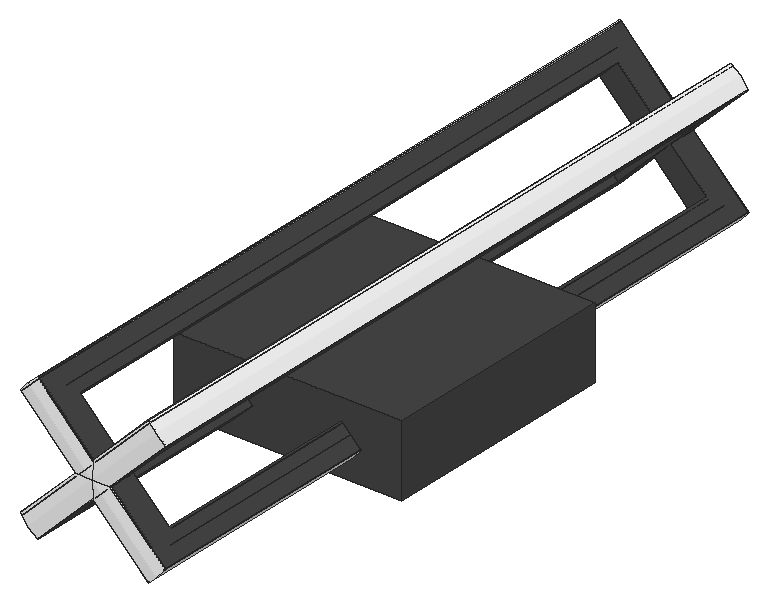
Revit family "AFX-Cass-Linear_LED_Sconce-", category Lighting Fixtures, host Face, Revit 2021
Family settings
  Host = Face
  Round Connector Dimension = Use Diameter
  Part Type = Normal
  Cut with Voids When Loaded = No
  Light Source = Yes
  Shared = No
  Room Calculation Point = No
Parameters (values of type "CSSS0416L30D1BK")
  Width = 5"
  Wattage Comments = "18"
  Wattage = 18 W
  built-in parameter 1150110 = 1 (stored number, unit not read)
  Voltage = 120 V
  URL = "https://www.afxinc.com/"
  Type Comments = "Cass"  # constant formula
  built-in parameter 1114217 = 1 (stored number, unit not read)
  Tilt Angle = 0.00°
  built-in parameter 1150109 = 1 (stored number, unit not read)
  built-in parameter 1150134 = (empty or 0)
  built-in parameter 1150113 = 1 (stored number, unit not read)
  Revit File Built By = "https://servex-us.com/servex-revit/"
  Product Documentation Link = "https://www.afxinc.com/products/productDetail.cfm?productID=1571"
  Photometric Web File = "CSSS0416L30D1XX.IES"
  Model = "CSSS0416L30D1BK"
  Manufacturer = "AFX Inc"  # constant formula
  built-in parameter 1150105 = 269.36 (stored number, unit not read)
  Lumens = 2673.76 lm
  built-in parameter 1150115 = 1 (stored number, unit not read)
  built-in parameter 1150137 = (empty or 0)
  built-in parameter 1150139 = (empty or 0)
  Length = 16"
  built-in parameter 1150112 = 1 (stored number, unit not read)
  built-in parameter 1150114 = 1 (stored number, unit not read)
  L Cord [instance] = 20"
  Keynote = "12500"  # constant formula
  built-in parameter 1150132 = (empty or 0)
  built-in parameter 1150102 = (empty or 0)
  built-in parameter 1150107 = 3000 (stored number, unit not read)
  built-in parameter 1150138 = (empty or 0)
  built-in parameter 1150106 = 2.6936 (stored number, unit not read)
  Height = 3 1/2"
  Frame Finish = AFX - Aluminum Black
  built-in parameter 1150104 = 13.8 (stored number, unit not read)
  Dimming Lamp Color Temperature Shift = <None>
  Diffuser Finish = AFX - White Acrylic
  Description = "Contemporary LED sconce with four sided illumination White acrylic diffuser - 5\"W x 3 1/2\"D x 16\"H"
  Default Elevation = 48"
  Cord Finish = AFX - Plastic Black
  Colour Rendering Index = "90CRI"
  Color Filter = 16777215
  Canopy Finish = AFX - Aluminum Black
  built-in parameter 1114218 = 1 (stored number, unit not read)
  built-in parameter 1150133 = 10 (stored number, unit not read)
  Assembly Code = "D5020200"
  Apparent Load = 0 VA
Reference planes (in)
  plane 1 "Center (Front/Back)": y = 0
  plane 2: z = 0
  plane 3 "Center (Left/Right)": x = 0
  plane 4: z = 1.57483
  plane 5: z = 1.88554
  plane 6: through (-1.58642, -180, 3.08222) normal (0.7071, 0, 0.7071)
  plane 7: through (1.58642, -180, 3.08222) normal (0.7071, 0, -0.7071)
  plane 8: y = 8
  plane 9: y = -8
  plane 10: x = -2.5
  plane 11: x = 2.5
Forms (in)
  Extrusion 1, solid, material "AFX - Aluminum Black" <- "Canopy Finish"
    sketch origin (0, 0, 0) x (1, 0, 0) y (0, 1, 0)
      loop
        line (-2.5, 2.63819) -> (-2.5, -2.63819) -> (2.5, -2.63819) -> (2.5, 2.63819) -> (-2.5, 2.63819)
    from 0 to 1.57483
  Sweep 2, solid, material "AFX - White Acrylic" <- "Diffuser Finish"
    path origin (-1.58642, -180, 3.08222) x (-0.707107, 0, 0.707107) y (0, -1, 0)
      loop
        line (-3.937, -177.36181) -> (-3.937, -172.03906) -> (0, -172.03906) -> (0, -187.96094) -> (-3.937, -187.96094) -> (-3.937, -182.63819)
    profile origin (-1.58642, 0, 3.08222) x (-0.707107, 0, 0.707107) y (0.707107, 0, 0.707107)
      loop
        line (0.01563, 0.54331) -> (-0.01562, 0.54331) -> (-0.01562, 0.00787) -> (0.01563, 0.00787)
        arc (0.01563, 0.00787) -> (0.03874, 0.27559) -> (0.01563, 0.54331) r 1.56162
  Sweep 3, solid, material "AFX - White Acrylic" <- "Diffuser Finish"
    path origin (1.58642, -180, 3.08222) x (0.707107, 0, 0.707107) y (0, 1, 0)
      loop
        line (-3.937, 177.36181) -> (-3.937, 172.03906) -> (0, 172.03906) -> (0, 187.96094) -> (-3.937, 187.96094) -> (-3.937, 182.63819)
    profile origin (1.58642, 0, 3.08222) x (-0.707107, 0, -0.707107) y (-0.707107, 0, 0.707107)
      loop
        arc (-0.01563, 0.54331) -> (-0.03874, 0.27559) -> (-0.01563, 0.00787) r 1.56162
        line (-0.01563, 0.00787) -> (0.01562, 0.00787) -> (0.01562, 0.54331) -> (-0.01563, 0.54331)
  Sweep 4, solid, material "AFX - Aluminum Black" <- "Frame Finish"
    path origin (-1.58642, -180, 3.08222) x (-0.707107, 0, 0.707107) y (0, -1, 0)
      loop
        line (-3.92138, -177.36181) -> (-3.92138, -172.05469) -> (-0.01563, -172.05469) -> (-0.01563, -187.94531) -> (-3.92137, -187.94531) -> (-3.92137, -182.63819)
    profile origin (-1.57537, 0, 3.07117) x (-0.707107, 0, 0.707107) y (0.707107, 0, 0.707107)
      loop
        line (0.01563, 0.55118) -> (-0.57492, 0.55118) -> (-0.57492, 0) -> (0.01563, 0) -> (0.01563, 0.05512) -> (-0.29933, 0.05512) -> (-0.29933, 0.49606) -> (0.01563, 0.49606) -> (0.01563, 0.55118)
      loop
        line (-0.3387, 0.49606) -> (-0.53555, 0.49606) -> (-0.53555, 0.05512) -> (-0.3387, 0.05512) -> (-0.3387, 0.49606)
  Sweep 5, solid, material "AFX - Aluminum Black" <- "Frame Finish"
    path origin (1.58642, -180, 3.08222) x (0.707107, 0, 0.707107) y (0, -1, 0)
      loop
        line (-3.92138, -182.63819) -> (-3.92138, -187.94531) -> (-0.01563, -187.94531) -> (-0.01563, -172.05469) -> (-3.92138, -172.05469) -> (-3.92138, -177.36181)
    profile origin (1.57537, 0, 3.07117) x (0.707107, 0, 0.707107) y (-0.707107, 0, 0.707107)
      loop
        line (0.01563, 0.55118) -> (-0.57492, 0.55118) -> (-0.57492, 0) -> (0.01563, 0) -> (0.01563, 0.05512) -> (-0.29933, 0.05512) -> (-0.29933, 0.49606) -> (0.01563, 0.49606) -> (0.01563, 0.55118)
      loop
        line (-0.3387, 0.49606) -> (-0.53555, 0.49606) -> (-0.53555, 0.05512) -> (-0.3387, 0.05512) -> (-0.3387, 0.49606)
Cuts and joins
  joined: Sweep 4, Sweep 5
  joined: Sweep 2, Sweep 3
Lines and regions (in)
  symbolic lines
    curve 1: line (-2.5, 2.63819, 0) -> (2.5, 2.63819, 0)
    curve 2: line (-2.5, -2.63819, 0) -> (-2.5, 2.63819, 0)
    curve 3: line (2.5, -2.63819, 0) -> (-2.5, -2.63819, 0)
    curve 4: line (2.5, 2.63819, 0) -> (2.5, -2.63819, 0)
    curve 11: arc (1.60006, 0, 0.68204) -> (1.42146, 0, 0.46755) -> (1.20753, 0, 0.28827) r 1.56162
    curve 12: arc (-1.60006, 0, 0.68204) -> (-1.42146, 0, 0.46755) -> (-1.20753, 0, 0.28827) r 1.56162
    curve 13: arc (-1.20823, 0, 3.48203) -> (-1.41968, 0, 3.30441) -> (-1.59648, 0, 3.09228) r 1.55968
    curve 14: arc (1.20674, 0, 3.49033) -> (1.42141, 0, 3.31112) -> (1.60077, 0, 3.09657) r 1.56565
  symbolic lines, style "GenericModelHiddenLines"
    curve 5: line (1.20674, 0, 3.49033) -> (0, 0, 2.27869)
    curve 6: line (0, 0, 2.27869) -> (-1.20823, 0, 3.48203)
    curve 7: line (-1.59648, 0, 3.09228) -> (-0.39315, 0, 1.88895)
    curve 8: line (-0.39315, 0, 1.88895) -> (-1.60006, 0, 0.68204)
    curve 9: line (-1.20753, 0, 0.28827) -> (0, 0, 1.4958)
    curve 10: line (0, 0, 1.4958) -> (1.20753, 0, 0.28827)
    curve 15: line (1.60077, 0, 3.09657) -> (0.39315, 0, 1.88895)
    curve 16: line (0.39315, 0, 1.88895) -> (1.60006, 0, 0.68204)
Dimensions and locks (in)
  locked: plane 2 to plane 4 at 1.57483
  equal spacing: Extrusion 1 sketch curve, plane 3 "Center (Left/Right)", Extrusion 1 sketch curve
  equal spacing: Extrusion 1 sketch curve, plane 1 "Center (Front/Back)", Extrusion 1 sketch curve
  equal spacing: plane 8, plane 1 "Center (Front/Back)", plane 9
  "Length": plane 8 to plane 9
  equal spacing: plane 10, plane 3 "Center (Left/Right)", plane 11
  "Width": plane 10 to plane 11
  locked: Sweep 2 sketch curve to plane 8 at 0.03906
  locked: Sweep 2 sketch curve to plane 9 at 0.03906
  locked: plane 8 to Sweep 3 sketch curve at 0.03906
  locked: Sweep 3 sketch curve to plane 9 at 0.03906
  profile plane to Sweep 4 sketch curve to Sweep 4 sketch curve to Sweep 4 sketch curve = 0.05512" locked, 0.44094" locked, 0.05512" locked
  Sweep 4 sketch curve to Sweep 4 sketch curve to Sweep 4 sketch curve to Sweep 4 sketch curve to profile plane to Sweep 4 sketch curve = 0.03937" locked, 0.19685" locked, 0.03937" locked, 0.29934" locked, 1/64" locked
  plane 7 to Sweep 5 sketch curve to Sweep 5 sketch curve to Sweep 5 sketch curve = 0.05512" locked, 0.44094" locked, 0.05512" locked
  Sweep 5 sketch curve to Sweep 5 sketch curve to Sweep 5 sketch curve to Sweep 5 sketch curve to profile plane to Sweep 5 sketch curve = 0.03937" locked, 0.19685" locked, 0.03937" locked, 0.29934" locked, 1/64" locked
  Sweep 3 sketch curve to Sweep 3 sketch curve to Sweep 3 sketch curve to plane 7 = 0.26772" locked, 0.26772" locked, 0.00787" locked
  Sweep 3 sketch curve to profile plane to Sweep 3 sketch curve to Sweep 3 sketch curve = 1/64" locked, 1/64" locked, 1.50725" locked
  Sweep 2 sketch curve to Sweep 2 sketch curve to plane 6 = 0.53543" locked, 0.00787" locked
  locked: Sweep 2 sketch curve to profile plane at 0.01562
  aligned and locked: plane 2 to host face
  aligned and locked: level to host face
  aligned and locked: Extrusion 1 to plane 2
  aligned and locked: Extrusion 1 to plane 4
  aligned and locked: plane 3 "Center (Left/Right)" to imposter light
  aligned and locked: plane 1 "Center (Front/Back)" to imposter light
  aligned and locked: imposter light to plane 5
  aligned and locked: Extrusion 1 sketch curve to plane 10
  aligned and locked: curve 1 to Extrusion 1
  aligned and locked: curve 2 to plane 10
  aligned and locked: curve 4 to plane 11
  aligned and locked: curve 3 to Extrusion 1
  aligned and locked: Sweep 4 sketch curve to Sweep 4 sketch curve  (x3)
  aligned and locked: Sweep 5 sketch curve to Sweep 3  (x5)
  aligned and locked: Sweep 5 sketch curve to Sweep 5 sketch curve  (x3)
Automatic sketch dimensions
  host sketch curve to host sketch curve = 96"  (x2)
  plane 1 "Center (Front/Back)" to Extrusion 1 sketch curve = 2.63819"
  Sweep 2 sketch curve to plane 7 = 1.69346"  (x2)
  plane 7 to Sweep 2 sketch curve = 2.24354"
  Sweep 2 sketch curve to plane 1 "Center (Front/Back)" = 2.63819"
  plane 1 "Center (Front/Back)" to Sweep 2 sketch curve = 2.63819"
  Sweep 3 sketch curve to plane 6 = 1.69346"  (x2)
  plane 6 to Sweep 3 sketch curve = 2.24354"
  plane 1 "Center (Front/Back)" to Sweep 3 sketch curve = 2.63819"
  Sweep 3 sketch curve to plane 1 "Center (Front/Back)" = 2.63819"
  plane 9 to Sweep 4 sketch curve = 7/128"
  Sweep 4 sketch curve to plane 7 = 1.67784"  (x2)
  Sweep 4 sketch curve to plane 8 = 7/128"
  plane 7 to Sweep 4 sketch curve = 2.22791"
  Sweep 4 sketch curve to plane 1 "Center (Front/Back)" = 2.63819"
  plane 1 "Center (Front/Back)" to Sweep 4 sketch curve = 2.63819"
  Sweep 4 sketch curve to profile plane = 0"
  plane 1 "Center (Front/Back)" to Sweep 5 sketch curve = 2.63819"
  Sweep 5 sketch curve to plane 1 "Center (Front/Back)" = 2.63819"
  plane 7 to Sweep 5 sketch curve = 0"
  curve 13 to plane 6 = 0"
  plane 7 to curve 12 = 0"
  curve 7 to plane 6 = 0"
  curve 6 to plane 3 "Center (Left/Right)" = 0"
  curve 10 to plane 3 "Center (Left/Right)" = 0"
  plane 7 to curve 15 = 0"
  curve 10 to plane 6 = 0"
  plane 7 to curve 14 = 0"
  curve 13 to plane 3 "Center (Left/Right)" = 0.31471"
  plane 4 to curve 12 = 0.00478"
  curve 12 to plane 3 "Center (Left/Right)" = 0.3155"
  plane 5 to curve 8 = 0.0034"
  level to curve 9 = 0.28827"
  plane 3 "Center (Left/Right)" to curve 14 = 0.31471"
  plane 4 to curve 11 = 0.00478"
  plane 3 "Center (Left/Right)" to curve 11 = 0.3155"
  level to curve 10 = 0.28827"
  plane 5 to curve 14 = 0.31812"
  plane 5 to curve 13 = 0.31812"
  plane 5 to curve 15 = 0.0034"
  plane 3 "Center (Left/Right)" to curve 14 = 1.20674"
  curve 13 to curve 6 = 0.07503"
  curve 13 to curve 6 = 0.38974"
  curve 7 to plane 10 = 0.90352"
Connectors (in)
  electrical at (0, 0, 0), driven by "Voltage", driven by "Apparent Load"
    settings: on Extrusion 1, index 1, voltage 120 V, apparent load 0 VA, apparent load phase1 0 VA, apparent load phase2 0 VA, apparent load phase3 0 VA, power factor 1, load classification "Lighting", number of poles 1, system type 31, power factor state 1, is connector primary yes, connector utility no, sub classification motor no, connector description ""
